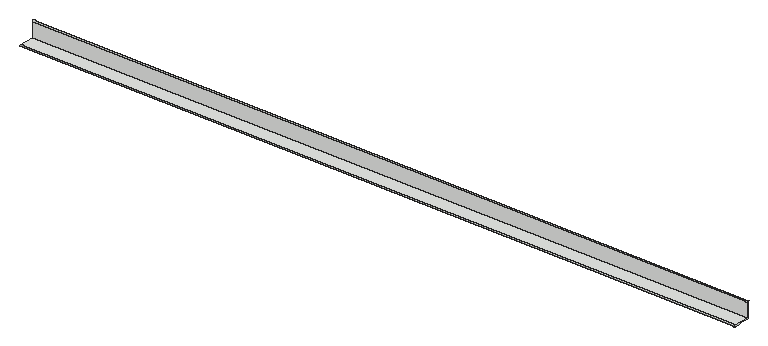
Revit family "profiles PR31 2015", category Generic Models, Revit 2015
Parameters (values of type "ISOLAMIN PR31 flashing")
  Profile Length [instance] = 1180 mm
Reference planes
  plane 1 "Center (Front/Back)": y = 0
  plane 2: z = 0
  plane 3 "Center (Left/Right)": x = 0
  plane 4: x = 1180
Forms (mm)
  Extrusion 1, solid, material "ISOLAMIN Surface Material"
    sketch origin (0, 2.119, -1.784) x (0, 1, 0) y (0, 0, 1)
      loop
        line (-4.26, 3.942) -> (-28.206, 3.942)
        arc (-28.206, 3.942) -> (-29.233, 2.969) -> (-28.26, 1.942) r 1
        line (-28.26, 1.942) -> (-18.96, 1.942) -> (-18.96, 2.942) -> (-3.96, 2.942)
        arc (-3.96, 2.942) -> (-3.465, 3.147) -> (-3.26, 3.642) r 0.7
        line (-3.26, 3.642) -> (-3.26, 18.642) -> (-2.26, 18.642) -> (-2.26, 27.942)
        arc (-2.26, 27.942) -> (-3.26, 29.077) -> (-4.26, 27.942) r 1.008
        line (-4.26, 27.942) -> (-4.26, 3.942)
    from 0 to 1180
Dimensions and locks
  "Profile Length": plane 3 "Center (Left/Right)" to plane 4
  level to Extrusion 1 = 2.157 mm
  aligned and locked: level to plane 2
  aligned and locked: plane 4 to Extrusion 1
Automatic sketch dimensions
  plane 1 "Center (Front/Back)" to Extrusion 1 sketch curve = 2.142 mm
  level to Extrusion 1 sketch curve = 2.157 mm
  Extrusion 1 sketch curve to Extrusion 1 sketch curve = 23.946 mm
  Extrusion 1 sketch curve to Extrusion 1 sketch curve = 24 mm
  level to Extrusion 1 sketch curve = 1.157 mm
  Extrusion 1 sketch curve to Extrusion 1 sketch curve = 9.246 mm
  Extrusion 1 sketch curve to Extrusion 1 sketch curve = 0.3 mm
  Extrusion 1 sketch curve to Extrusion 1 sketch curve = 1 mm  (x2)
  Extrusion 1 sketch curve to Extrusion 1 sketch curve = 0.054 mm
  Extrusion 1 sketch curve to Extrusion 1 sketch curve = 0.027 mm
  Extrusion 1 sketch curve to Extrusion 1 sketch curve = 0.7 mm
  Extrusion 1 sketch curve to Extrusion 1 sketch curve = 9.3 mm
  Extrusion 1 sketch curve to Extrusion 1 sketch curve = 0 mm
  Extrusion 1 sketch curve to Extrusion 1 sketch curve = 0.127 mm
